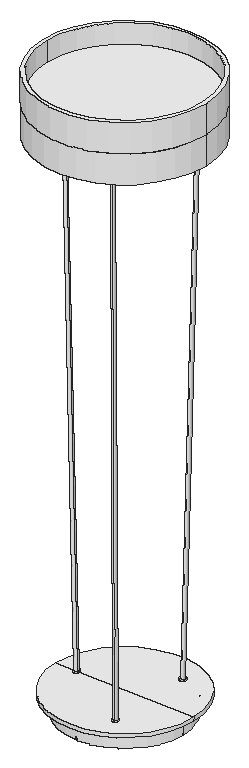
Revit family "DEEP FOCUS ROUND LIGHT", category Lighting Fixtures, host Face, Revit 2020 (continued)
Types (13): name | Wattage Comments | Wattage | Surface Mount | Photometric Web File | Order number | built-in parameter 1150142 | Model | built-in parameter 1150105 | Lumens | built-in parameter 1150106 | Fixture Diameter | Finish/Color | D2 | D1 | Apparent Load | Aircraft Cable Pendant Mount
  (no name) | "15 W" | 8.61709 W | no | "DFRD12_15_40901_ACPMK.IES" | "16821" | "﻿IESNA:LM-63-2002\r\n[TEST] \r\n[DATE] 2023-08-19\r\n[MANUFAC] Aboveall lighting\r\n[LUMCAT] \r\n[LUMINAIRE] DFRD12-15-40901-ACPMK\r\n[LAMPCAT] \r\n[LAMP] \r\nTILT=NONE\r\n1 1353.7 0.7 91 13 1 2 0.30 0.30 0.10\r\n1 1 15.8\r\n0. 1. 2. 3. 4. 5. 6. 7. 8. 9. 10. 11. 12. 13. 14. 15. 16. 17. 18. 19. 20. 21. 22. 23. 24. 25. 26. 27. 28. 29. 30. 31. 32. 33. 34. 35. 36. 37. 38. 39. 40. 41. 42. 43. 44. 45. 46. 47. 48. 49. 50. 51. 52. 53. 54. 55. 56. 57. 58. 59. 60. 61. 62. 63. 64. 65. 66. 67. 68. 69. 70. 71. 72. 73. 74. 75. 76. 77. 78. 79. 80. 81. 82. 83. 84. 85. 86. 87. 88. 89. 90. \r\n0. 30. 60. 90. 120. 150. 180. 210. 240. 270. 300. 330. 360. \r\n711.917 711.59 709.82 709.82 706.634 705.218 703.802 700.969 697.429 695.659 691.765 689.641 684.684 679.728 676.896 671.231 665.213 658.84 655.3 648.22 644.68 636.891 628.394 624.5 615.295 611.047 601.842 597.24 587.681 577.769 572.812 562.192 557.235 546.261 534.932 529.267 517.939 511.92 499.883 494.219 481.828 469.437 462.357 449.612 436.867 430.14 417.041 403.234 396.508 383.055 369.248 362.168 348.29 334.341 327.261 313.241 306.161 292.071 277.556 270.263 255.075 247.994 234.577 219.495 212.38 198.289 191.173 177.402 170.498 156.691 143.026 136.229 122.988 116.51 103.694 77.0 77.0 72.504 60.751 54.343 43.297 32.606 27.402 17.347 8.39 4.567 0.637 0.708 0.743 0.814 0.885 \r\n711.917 711.236 710.528 709.466 709.112 707.342 705.218 703.802 700.969 699.553 694.243 689.995 689.995 685.392 680.436 677.604 675.126 669.461 663.089 656.362 653.176 646.096 642.201 634.413 626.27 618.128 613.525 604.675 599.718 590.514 580.601 575.645 565.732 560.422 549.447 537.764 532.454 520.771 515.106 497.051 491.387 485.368 472.623 466.605 453.86 447.488 434.389 414.563 408.191 401.11 394.384 380.931 366.77 358.981 345.528 331.474 324.464 310.409 296.142 274.83 274.83 260.421 253.305 238.931 224.806 217.69 203.494 196.59 182.606 168.728 161.86 148.159 140.654 127.201 120.581 107.553 88.648 88.648 76.115 70.168 58.556 47.298 41.775 31.048 20.817 15.931 7.576 4.496 0.248 0.212 0.212 \r\n711.917 711.944 711.59 711.236 710.174 709.82 708.404 707.342 705.218 702.74 700.969 697.783 694.243 692.119 687.871 682.914 680.436 675.126 669.461 666.275 659.903 653.176 649.636 646.096 638.661 630.872 622.022 617.774 608.923 604.321 595.116 585.203 580.247 570.334 565.378 554.757 549.447 538.472 526.789 521.125 509.442 503.424 491.387 479.35 472.269 459.878 447.134 440.761 427.662 414.563 407.837 394.384 387.303 373.85 360.043 346.307 339.368 325.561 318.587 304.32 290.053 282.866 267.501 260.421 246.189 239.144 225.195 211.034 204.025 189.934 183.031 169.118 162.391 148.903 135.415 128.688 115.695 102.95 102.95 84.258 72.292 66.344 54.06 48.289 46.944 27.083 16.993 12.355 2.16 0.248 0.212 \r\n711.917 711.59 710.882 709.82 709.112 707.342 704.864 703.802 700.969 697.429 695.659 691.411 687.162 684.684 679.374 674.064 671.231 665.213 662.027 655.3 648.22 644.68 636.891 632.997 624.854 620.606 611.755 602.905 597.948 588.035 583.079 573.166 562.9 557.589 546.969 541.304 530.329 518.647 512.628 500.945 488.909 482.89 470.499 458.108 451.736 438.991 425.538 419.166 405.005 391.198 384.471 371.018 364.646 350.272 343.263 329.243 315.33 308.214 294.159 287.008 272.882 258.544 251.358 237.161 230.116 215.955 201.051 194.112 180.376 173.508 159.736 146.142 139.521 126.139 113.146 106.632 76.894 76.894 75.372 63.583 52.219 46.59 35.615 30.305 20.038 10.125 6.266 0.885 0.549 0.212 0.212 \r\n711.917 712.298 712.298 711.59 710.528 709.466 708.758 706.634 705.572 702.74 701.323 697.783 693.889 692.119 689.995 685.392 680.436 674.772 671.939 665.921 662.735 656.008 648.928 645.742 641.847 634.059 625.916 617.066 612.817 603.259 594.054 589.098 579.185 569.272 563.962 553.341 548.031 536.702 525.373 519.355 507.672 495.635 489.617 477.58 471.207 458.816 445.717 439.345 425.538 419.166 405.359 391.906 385.179 371.372 364.646 350.874 344.006 329.951 315.932 308.71 294.62 280.246 272.953 258.686 244.454 237.515 223.354 208.379 201.334 187.35 173.366 166.569 152.939 146.283 132.795 119.625 113.146 100.437 100.437 81.78 69.814 63.972 52.396 46.625 35.367 30.623 20.286 10.267 1.168 0.248 0.177 \r\n711.917 712.298 711.59 710.882 709.466 707.696 706.634 704.156 702.74 699.553 697.783 693.889 689.641 687.162 682.56 680.082 674.418 668.399 665.213 658.84 655.654 645.033 641.139 637.245 624.854 620.252 616.003 606.799 597.594 592.992 583.079 573.166 567.856 557.589 546.615 540.95 529.621 523.957 512.628 506.256 488.554 482.182 475.81 463.419 457.046 443.239 430.14 423.414 410.315 403.234 389.782 382.701 368.894 355.087 341.174 327.19 320.039 312.993 291.54 284.424 277.308 262.828 247.57 240.348 226.08 211.884 204.803 183.704 183.704 169.861 155.983 142.389 135.698 128.9 115.802 102.844 90.17 77.567 77.567 65.601 59.83 42.271 36.783 31.402 16.179 16.179 7.576 1.876 0.177 0.177 0.177 \r\n711.917 713.006 713.006 713.006 712.298 711.944 710.528 709.82 708.05 705.572 704.156 701.323 699.553 696.013 691.765 689.995 684.684 679.728 676.896 671.231 668.399 662.027 655.3 648.22 644.325 636.891 628.394 624.5 624.5 611.401 602.196 592.638 587.681 577.061 572.104 561.838 556.173 545.552 533.87 528.205 516.522 510.858 498.821 486.784 480.412 468.021 461.649 448.55 435.805 429.078 415.625 402.172 395.092 380.577 366.77 359.689 345.847 332.005 324.783 310.445 303.293 296.106 274.157 266.935 252.526 245.375 231.037 216.663 209.512 202.361 188.306 173.26 159.488 152.691 138.919 132.051 118.882 112.332 105.889 86.878 80.824 68.681 56.892 51.015 46.767 29.49 24.322 14.657 4.071 0.248 0.177 \r\n711.917 711.236 711.236 710.528 710.174 708.404 706.634 705.572 703.094 700.261 698.491 694.951 691.057 688.579 684.33 679.02 676.542 670.877 667.691 661.673 654.946 654.946 644.325 639.723 631.935 623.792 619.19 610.693 606.091 601.488 587.327 582.371 572.458 567.502 556.881 551.217 540.242 528.913 523.249 511.566 498.821 493.511 480.412 468.021 461.649 455.276 435.805 429.078 415.625 409.253 395.8 381.993 374.912 361.105 347.157 340.324 326.128 326.128 304.709 290.407 283.114 267.926 260.669 246.366 239.179 224.983 210.822 203.812 189.722 182.712 168.764 155.028 148.159 134.636 121.395 114.775 102.03 89.533 83.444 76.505 58.804 53.068 46.66 31.19 25.915 16.002 11.4 3.576 0.779 0.743 0.779 \r\n711.917 711.236 710.174 709.466 708.05 705.926 704.864 702.032 700.615 697.429 695.659 691.411 684.684 684.684 679.374 673.71 670.877 664.859 658.486 654.946 647.866 640.431 636.537 628.394 620.252 615.649 606.799 602.196 592.992 583.079 577.769 567.856 562.192 551.925 540.242 534.224 522.895 517.23 499.529 499.529 487.138 474.747 468.729 455.984 449.612 436.513 423.414 416.687 402.88 389.427 382.347 367.832 353.883 346.944 332.783 318.693 311.648 297.487 283.008 275.644 261.306 254.332 239.887 225.691 218.54 204.449 197.369 183.35 176.481 162.604 147.982 141.114 127.803 121.218 108.261 77.39 77.39 76.611 70.628 58.839 47.475 41.846 31.013 20.427 15.577 6.974 0.85 0.602 0.673 0.743 0.779 \r\n711.917 711.944 711.944 711.236 710.174 709.466 707.696 706.634 704.156 702.74 699.907 696.367 694.243 689.995 687.871 683.268 678.312 675.48 669.461 666.629 660.257 657.07 649.636 642.555 634.413 630.518 630.518 612.817 608.569 599.364 589.806 584.849 574.937 564.316 559.005 548.385 542.72 531.391 525.727 514.044 502.361 495.635 483.952 477.934 465.543 452.444 445.009 432.264 425.538 412.085 405.359 391.906 377.745 371.018 357.211 343.475 336.359 322.34 307.896 300.85 286.371 272.104 264.952 250.685 235.533 228.452 214.185 207.282 193.227 179.278 172.269 165.4 151.629 138.105 124.758 118.209 105.358 105.358 86.524 80.328 68.291 56.467 50.626 47.085 33.42 22.87 13.205 4.992 0.779 0.743 0.814 \r\n711.917 711.944 710.882 709.466 708.758 706.988 704.51 703.094 699.907 696.367 694.243 689.995 687.871 683.268 677.958 675.126 669.461 666.629 659.903 653.176 649.636 642.201 634.413 630.165 625.916 617.42 608.569 603.967 594.762 589.452 579.539 569.272 563.962 553.341 542.366 536.702 525.373 513.69 507.672 495.989 483.598 477.226 464.835 452.09 445.717 432.619 425.184 411.731 398.278 391.552 377.745 370.664 356.857 349.954 335.863 321.809 314.764 300.603 293.31 278.901 264.421 257.412 235.958 235.958 220.876 206.715 199.635 185.721 171.879 164.94 151.239 137.574 130.918 117.89 104.862 77.319 77.319 73.566 67.583 55.901 50.165 38.978 28.11 22.87 12.603 8.355 1.947 0.637 0.673 0.743 0.814 \r\n711.917 712.298 711.944 711.59 710.528 709.112 708.404 705.926 703.448 702.032 698.845 695.305 693.181 688.579 686.454 681.498 676.188 673.356 667.337 660.965 657.424 650.698 647.158 639.723 635.475 627.332 618.836 614.587 609.985 601.134 591.576 581.309 575.999 565.732 560.422 549.801 538.826 533.162 521.479 509.796 503.778 491.741 479.35 473.331 460.941 447.842 441.469 428.37 414.917 414.917 393.676 386.949 373.142 366.416 352.573 338.625 331.474 317.49 310.267 296.071 281.521 274.476 260.031 252.915 238.648 231.639 217.513 203.387 196.413 182.323 174.534 160.727 147.027 133.609 126.989 113.819 101.11 101.11 82.523 70.522 64.716 53.104 47.369 36.5 25.95 25.95 10.869 3.646 0.814 0.779 0.885 \r\n711.917 711.59 709.82 709.82 706.634 705.218 703.802 700.969 697.429 695.659 691.765 689.641 684.684 679.728 676.896 671.231 665.213 658.84 655.3 648.22 644.68 636.891 628.394 624.5 615.295 611.047 601.842 597.24 587.681 577.769 572.812 562.192 557.235 546.261 534.932 529.267 517.939 511.92 499.883 494.219 481.828 469.437 462.357 449.612 436.867 430.14 417.041 403.234 396.508 383.055 369.248 362.168 348.29 334.341 327.261 313.241 306.161 292.071 277.556 270.263 255.075 247.994 234.577 219.495 212.38 198.289 191.173 177.402 170.498 156.691 143.026 136.229 122.988 116.51 103.694 77.0 77.0 72.504 60.751 54.343 43.297 32.606 27.402 17.347 8.39 4.567 0.637 0.708 0.743 0.814 0.885 \r\n" | "DFRD12-15-40901-ACPMK" | 101.86 (stored number, unit not read) | 1280 lm | 1.0186 (stored number, unit not read) | 0' - 11 103/128" | White-PMMA Aluminum | 0' - 4 103/256" | 0' - 5 231/256" | 18.75 VA | yes
  DFRD12-15-40901-ACPMK | "15 W" | 8.61709 W | no | "DFRD12_15_40901_ACPMK.IES" | "16821" | "﻿IESNA:LM-63-2002\r\n[TEST] \r\n[DATE] 2023-08-19\r\n[MANUFAC] Aboveall lighting\r\n[LUMCAT] \r\n[LUMINAIRE] DFRD12-15-40901-ACPMK\r\n[LAMPCAT] \r\n[LAMP] \r\nTILT=NONE\r\n1 1353.7 0.7 91 13 1 2 0.30 0.30 0.10\r\n1 1 15.8\r\n0. 1. 2. 3. 4. 5. 6. 7. 8. 9. 10. 11. 12. 13. 14. 15. 16. 17. 18. 19. 20. 21. 22. 23. 24. 25. 26. 27. 28. 29. 30. 31. 32. 33. 34. 35. 36. 37. 38. 39. 40. 41. 42. 43. 44. 45. 46. 47. 48. 49. 50. 51. 52. 53. 54. 55. 56. 57. 58. 59. 60. 61. 62. 63. 64. 65. 66. 67. 68. 69. 70. 71. 72. 73. 74. 75. 76. 77. 78. 79. 80. 81. 82. 83. 84. 85. 86. 87. 88. 89. 90. \r\n0. 30. 60. 90. 120. 150. 180. 210. 240. 270. 300. 330. 360. \r\n711.917 711.59 709.82 709.82 706.634 705.218 703.802 700.969 697.429 695.659 691.765 689.641 684.684 679.728 676.896 671.231 665.213 658.84 655.3 648.22 644.68 636.891 628.394 624.5 615.295 611.047 601.842 597.24 587.681 577.769 572.812 562.192 557.235 546.261 534.932 529.267 517.939 511.92 499.883 494.219 481.828 469.437 462.357 449.612 436.867 430.14 417.041 403.234 396.508 383.055 369.248 362.168 348.29 334.341 327.261 313.241 306.161 292.071 277.556 270.263 255.075 247.994 234.577 219.495 212.38 198.289 191.173 177.402 170.498 156.691 143.026 136.229 122.988 116.51 103.694 77.0 77.0 72.504 60.751 54.343 43.297 32.606 27.402 17.347 8.39 4.567 0.637 0.708 0.743 0.814 0.885 \r\n711.917 711.236 710.528 709.466 709.112 707.342 705.218 703.802 700.969 699.553 694.243 689.995 689.995 685.392 680.436 677.604 675.126 669.461 663.089 656.362 653.176 646.096 642.201 634.413 626.27 618.128 613.525 604.675 599.718 590.514 580.601 575.645 565.732 560.422 549.447 537.764 532.454 520.771 515.106 497.051 491.387 485.368 472.623 466.605 453.86 447.488 434.389 414.563 408.191 401.11 394.384 380.931 366.77 358.981 345.528 331.474 324.464 310.409 296.142 274.83 274.83 260.421 253.305 238.931 224.806 217.69 203.494 196.59 182.606 168.728 161.86 148.159 140.654 127.201 120.581 107.553 88.648 88.648 76.115 70.168 58.556 47.298 41.775 31.048 20.817 15.931 7.576 4.496 0.248 0.212 0.212 \r\n711.917 711.944 711.59 711.236 710.174 709.82 708.404 707.342 705.218 702.74 700.969 697.783 694.243 692.119 687.871 682.914 680.436 675.126 669.461 666.275 659.903 653.176 649.636 646.096 638.661 630.872 622.022 617.774 608.923 604.321 595.116 585.203 580.247 570.334 565.378 554.757 549.447 538.472 526.789 521.125 509.442 503.424 491.387 479.35 472.269 459.878 447.134 440.761 427.662 414.563 407.837 394.384 387.303 373.85 360.043 346.307 339.368 325.561 318.587 304.32 290.053 282.866 267.501 260.421 246.189 239.144 225.195 211.034 204.025 189.934 183.031 169.118 162.391 148.903 135.415 128.688 115.695 102.95 102.95 84.258 72.292 66.344 54.06 48.289 46.944 27.083 16.993 12.355 2.16 0.248 0.212 \r\n711.917 711.59 710.882 709.82 709.112 707.342 704.864 703.802 700.969 697.429 695.659 691.411 687.162 684.684 679.374 674.064 671.231 665.213 662.027 655.3 648.22 644.68 636.891 632.997 624.854 620.606 611.755 602.905 597.948 588.035 583.079 573.166 562.9 557.589 546.969 541.304 530.329 518.647 512.628 500.945 488.909 482.89 470.499 458.108 451.736 438.991 425.538 419.166 405.005 391.198 384.471 371.018 364.646 350.272 343.263 329.243 315.33 308.214 294.159 287.008 272.882 258.544 251.358 237.161 230.116 215.955 201.051 194.112 180.376 173.508 159.736 146.142 139.521 126.139 113.146 106.632 76.894 76.894 75.372 63.583 52.219 46.59 35.615 30.305 20.038 10.125 6.266 0.885 0.549 0.212 0.212 \r\n711.917 712.298 712.298 711.59 710.528 709.466 708.758 706.634 705.572 702.74 701.323 697.783 693.889 692.119 689.995 685.392 680.436 674.772 671.939 665.921 662.735 656.008 648.928 645.742 641.847 634.059 625.916 617.066 612.817 603.259 594.054 589.098 579.185 569.272 563.962 553.341 548.031 536.702 525.373 519.355 507.672 495.635 489.617 477.58 471.207 458.816 445.717 439.345 425.538 419.166 405.359 391.906 385.179 371.372 364.646 350.874 344.006 329.951 315.932 308.71 294.62 280.246 272.953 258.686 244.454 237.515 223.354 208.379 201.334 187.35 173.366 166.569 152.939 146.283 132.795 119.625 113.146 100.437 100.437 81.78 69.814 63.972 52.396 46.625 35.367 30.623 20.286 10.267 1.168 0.248 0.177 \r\n711.917 712.298 711.59 710.882 709.466 707.696 706.634 704.156 702.74 699.553 697.783 693.889 689.641 687.162 682.56 680.082 674.418 668.399 665.213 658.84 655.654 645.033 641.139 637.245 624.854 620.252 616.003 606.799 597.594 592.992 583.079 573.166 567.856 557.589 546.615 540.95 529.621 523.957 512.628 506.256 488.554 482.182 475.81 463.419 457.046 443.239 430.14 423.414 410.315 403.234 389.782 382.701 368.894 355.087 341.174 327.19 320.039 312.993 291.54 284.424 277.308 262.828 247.57 240.348 226.08 211.884 204.803 183.704 183.704 169.861 155.983 142.389 135.698 128.9 115.802 102.844 90.17 77.567 77.567 65.601 59.83 42.271 36.783 31.402 16.179 16.179 7.576 1.876 0.177 0.177 0.177 \r\n711.917 713.006 713.006 713.006 712.298 711.944 710.528 709.82 708.05 705.572 704.156 701.323 699.553 696.013 691.765 689.995 684.684 679.728 676.896 671.231 668.399 662.027 655.3 648.22 644.325 636.891 628.394 624.5 624.5 611.401 602.196 592.638 587.681 577.061 572.104 561.838 556.173 545.552 533.87 528.205 516.522 510.858 498.821 486.784 480.412 468.021 461.649 448.55 435.805 429.078 415.625 402.172 395.092 380.577 366.77 359.689 345.847 332.005 324.783 310.445 303.293 296.106 274.157 266.935 252.526 245.375 231.037 216.663 209.512 202.361 188.306 173.26 159.488 152.691 138.919 132.051 118.882 112.332 105.889 86.878 80.824 68.681 56.892 51.015 46.767 29.49 24.322 14.657 4.071 0.248 0.177 \r\n711.917 711.236 711.236 710.528 710.174 708.404 706.634 705.572 703.094 700.261 698.491 694.951 691.057 688.579 684.33 679.02 676.542 670.877 667.691 661.673 654.946 654.946 644.325 639.723 631.935 623.792 619.19 610.693 606.091 601.488 587.327 582.371 572.458 567.502 556.881 551.217 540.242 528.913 523.249 511.566 498.821 493.511 480.412 468.021 461.649 455.276 435.805 429.078 415.625 409.253 395.8 381.993 374.912 361.105 347.157 340.324 326.128 326.128 304.709 290.407 283.114 267.926 260.669 246.366 239.179 224.983 210.822 203.812 189.722 182.712 168.764 155.028 148.159 134.636 121.395 114.775 102.03 89.533 83.444 76.505 58.804 53.068 46.66 31.19 25.915 16.002 11.4 3.576 0.779 0.743 0.779 \r\n711.917 711.236 710.174 709.466 708.05 705.926 704.864 702.032 700.615 697.429 695.659 691.411 684.684 684.684 679.374 673.71 670.877 664.859 658.486 654.946 647.866 640.431 636.537 628.394 620.252 615.649 606.799 602.196 592.992 583.079 577.769 567.856 562.192 551.925 540.242 534.224 522.895 517.23 499.529 499.529 487.138 474.747 468.729 455.984 449.612 436.513 423.414 416.687 402.88 389.427 382.347 367.832 353.883 346.944 332.783 318.693 311.648 297.487 283.008 275.644 261.306 254.332 239.887 225.691 218.54 204.449 197.369 183.35 176.481 162.604 147.982 141.114 127.803 121.218 108.261 77.39 77.39 76.611 70.628 58.839 47.475 41.846 31.013 20.427 15.577 6.974 0.85 0.602 0.673 0.743 0.779 \r\n711.917 711.944 711.944 711.236 710.174 709.466 707.696 706.634 704.156 702.74 699.907 696.367 694.243 689.995 687.871 683.268 678.312 675.48 669.461 666.629 660.257 657.07 649.636 642.555 634.413 630.518 630.518 612.817 608.569 599.364 589.806 584.849 574.937 564.316 559.005 548.385 542.72 531.391 525.727 514.044 502.361 495.635 483.952 477.934 465.543 452.444 445.009 432.264 425.538 412.085 405.359 391.906 377.745 371.018 357.211 343.475 336.359 322.34 307.896 300.85 286.371 272.104 264.952 250.685 235.533 228.452 214.185 207.282 193.227 179.278 172.269 165.4 151.629 138.105 124.758 118.209 105.358 105.358 86.524 80.328 68.291 56.467 50.626 47.085 33.42 22.87 13.205 4.992 0.779 0.743 0.814 \r\n711.917 711.944 710.882 709.466 708.758 706.988 704.51 703.094 699.907 696.367 694.243 689.995 687.871 683.268 677.958 675.126 669.461 666.629 659.903 653.176 649.636 642.201 634.413 630.165 625.916 617.42 608.569 603.967 594.762 589.452 579.539 569.272 563.962 553.341 542.366 536.702 525.373 513.69 507.672 495.989 483.598 477.226 464.835 452.09 445.717 432.619 425.184 411.731 398.278 391.552 377.745 370.664 356.857 349.954 335.863 321.809 314.764 300.603 293.31 278.901 264.421 257.412 235.958 235.958 220.876 206.715 199.635 185.721 171.879 164.94 151.239 137.574 130.918 117.89 104.862 77.319 77.319 73.566 67.583 55.901 50.165 38.978 28.11 22.87 12.603 8.355 1.947 0.637 0.673 0.743 0.814 \r\n711.917 712.298 711.944 711.59 710.528 709.112 708.404 705.926 703.448 702.032 698.845 695.305 693.181 688.579 686.454 681.498 676.188 673.356 667.337 660.965 657.424 650.698 647.158 639.723 635.475 627.332 618.836 614.587 609.985 601.134 591.576 581.309 575.999 565.732 560.422 549.801 538.826 533.162 521.479 509.796 503.778 491.741 479.35 473.331 460.941 447.842 441.469 428.37 414.917 414.917 393.676 386.949 373.142 366.416 352.573 338.625 331.474 317.49 310.267 296.071 281.521 274.476 260.031 252.915 238.648 231.639 217.513 203.387 196.413 182.323 174.534 160.727 147.027 133.609 126.989 113.819 101.11 101.11 82.523 70.522 64.716 53.104 47.369 36.5 25.95 25.95 10.869 3.646 0.814 0.779 0.885 \r\n711.917 711.59 709.82 709.82 706.634 705.218 703.802 700.969 697.429 695.659 691.765 689.641 684.684 679.728 676.896 671.231 665.213 658.84 655.3 648.22 644.68 636.891 628.394 624.5 615.295 611.047 601.842 597.24 587.681 577.769 572.812 562.192 557.235 546.261 534.932 529.267 517.939 511.92 499.883 494.219 481.828 469.437 462.357 449.612 436.867 430.14 417.041 403.234 396.508 383.055 369.248 362.168 348.29 334.341 327.261 313.241 306.161 292.071 277.556 270.263 255.075 247.994 234.577 219.495 212.38 198.289 191.173 177.402 170.498 156.691 143.026 136.229 122.988 116.51 103.694 77.0 77.0 72.504 60.751 54.343 43.297 32.606 27.402 17.347 8.39 4.567 0.637 0.708 0.743 0.814 0.885 \r\n" | "DFRD12-15-40901-ACPMK" | 101.86 (stored number, unit not read) | 1280 lm | 1.0186 (stored number, unit not read) | 0' - 11 103/128" | White-PMMA Aluminum | 0' - 4 103/256" | 0' - 5 231/256" | 18.75 VA | yes
